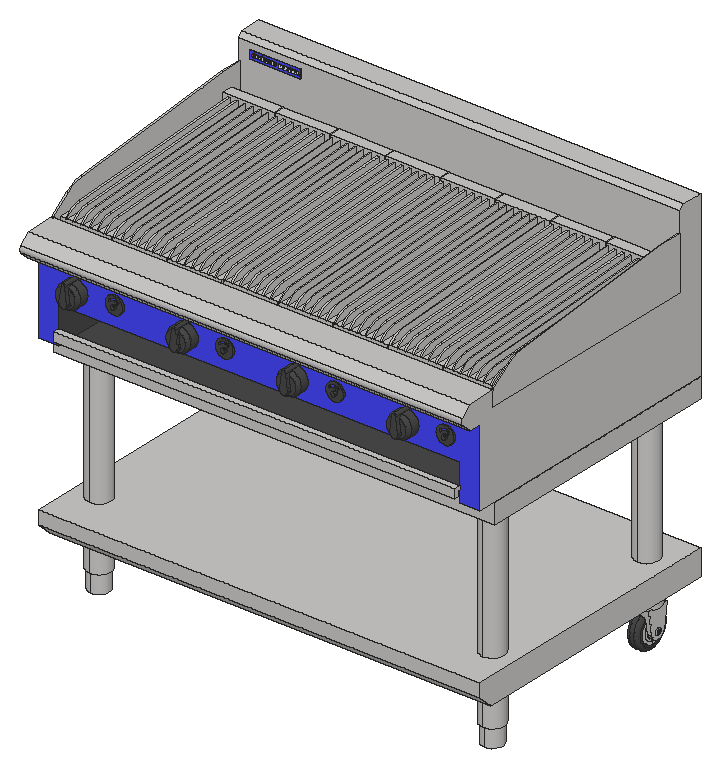
Revit family "QF_MOFFAT_BLUESEAL_AU_G598-LS", category Specialty Equipment, Revit 2012
Parameters
  Weight in Pounds = 499  # constant formula
  URL Cutsheet = "www.moffat.com"
  URL = "www.moffat.com"
  Type Mark [instance] = ""
  Status [instance] = ""
  Specification by User [instance] = ""
  Specification by Manufacturer = ""
  Show Logo [instance] = yes
  Show Casters [instance] = yes
  Serial Number = ""
  Seismic Rating = ""
  SMACNA No = ""
  Revision Code [instance] = ""
  Omniclass Number and Title = ""
  NAFEM Spec ID Number = ""
  Model = "G598-LS"
  Mechanical Remarks [instance] = ""
  Mechanical Connection Type [instance] = ""
  Masterspec = ""
  Manufacturer = "MOFFAT BLUESEAL"
  Legs [instance] = not(Show Casters)  # no
  Item Number [instance] = ""
  Installed By [instance] = ""
  Identify Quantity as Lot [instance] = yes
  Gas Size = 3/4"
  Gas RI Height [instance] = 0 mm
  Gas KW = 39.1
  Gas Input [instance] = 126059.0 Btu/h
  Gas Connection Height = 0 mm
  Furnished By [instance] = ""
  Foodservice Equipment Identifier [instance] = yes
  Description = "1200MM GAS CHARGRILL ON LEG STAND"
  CSI MasterFormat = ""
  CSI Master Format = ""
  Body Finish = QF_Finishes_Stainless Steel
Reference planes
  plane 1 "BACK": y = 0
  plane 2: z = 0
  plane 3 "LEFT": x = 0
  plane 4 "RIGHT": x = 1200
  plane 5 "FRONT": y = -812
  plane 6 "TOP": z = 972
  plane 7 "Center Y": x = 600
  plane 8 "Center X": y = -406
  plane 9: z = 970
  plane 10: z = 1085
  plane 11: y = -100
  plane 12: y = -625
  plane 13: x = 65.5
  plane 14: x = 1134.5
Forms (mm)
  Extrusion 1, solid, material "QF_Finishes_Stainless Steel" <- "Body Finish"
    sketch origin (0, 0, 0) x (0, 1, 0) y (0, 0, 1)
      loop
        line (0, 222.5) -> (-749, 222.5) -> (-749, 186) -> (-713, 150) -> (0, 150) -> (0, 222.5)
      loop
        line (0, 640) -> (0, 1085) -> (-57.5, 1085) -> (-70, 1072.5) -> (-70, 875) -> (-705, 875) -> (-705, 915) -> (-783.97, 915) -> (-808.485, 890.485)
        arc (-808.485, 890.485) -> (-811.999, 882) -> (-808.485, 873.515) r 12
        line (-808.485, 873.515) -> (-784.97, 850) -> (-749, 850) -> (-749, 640) -> (0, 640)
      loop
        line (0, 585) -> (0, 639.206) -> (-699, 639.206) -> (-699, 585) -> (0, 585)
    from 0 to 1200
  Revolve 2, solid, material "QF_Finishes_Stainless Steel" <- "Body Finish"
    sketch origin (1134.5, -735, 0) x (0, 1, 0) y (0, 0, -1)
      loop
        line (78.25, -150) -> (110, -150) -> (110, 0) -> (82.5, 0) -> (82.5, -50) -> (78.25, -50) -> (78.25, -150)
      loop
        line (78.25, -222.5) -> (78.25, -585) -> (110, -585) -> (110, -222.5) -> (78.25, -222.5)
      axis (110, -585) -> (110, 0)
    angle from 0 to 360
  Revolve 3, solid, material "QF_Finishes_Stainless Steel" <- "Body Finish"
    sketch origin (65, -735, 0) x (0, 1, 0) y (0, 0, 1)
      loop
        line (78.25, 150) -> (78.25, 50) -> (82.5, 50) -> (82.5, 0) -> (110, 0) -> (110, 150) -> (78.25, 150)
      loop
        line (78.25, 222.5) -> (110, 222.5) -> (110, 585) -> (78.25, 585) -> (78.25, 222.5)
      axis (110, 585) -> (110, 0)
    angle from 0 to 360
  Revolve 4, solid, material "QF_Finishes_Stainless Steel" <- "Body Finish"
    sketch origin (65, -210, 0) x (0, 1, 0) y (0, 0, 1)
      loop
        line (78.25, 222.5) -> (110, 222.5) -> (110, 585) -> (78.25, 585) -> (78.25, 222.5)
      axis (110, 585) -> (110, 222.5)
    angle from 0 to 360
  Extrusion 5, solid, material "QF_Finishes_Stainless Steel" <- "Body Finish"
    sketch origin (0, 0, 157.388) x (0, 1, 0) y (0, 0, 1)
      loop
        line (-70, 717) -> (-70, 860.112) -> (-127.045, 860.112) -> (-604.53, 814.135)
        arc (-604.53, 814.135) -> (-629.557, 808.415) -> (-652.303, 796.511) r 100
        line (-652.303, 796.511) -> (-705, 759.612) -> (-705, 717) -> (-70, 717)
    from 0 to 4.5
  Extrusion 6, solid, material "QF_Finishes_Stainless Steel" <- "Body Finish"
    sketch origin (1200, 0, 0) x (0, -1, 0) y (0, 0, 1)
      loop
        line (70, 874.388) -> (705, 874.388) -> (705, 917) -> (652.303, 953.899)
        arc (652.303, 953.899) -> (629.557, 965.803) -> (604.53, 971.523) r 100
        line (604.53, 971.523) -> (127.045, 1017.5) -> (70, 1017.5) -> (70, 874.388)
    from 0 to 3
  Revolve 7, solid, material "QF_Finishes_Black"
    sketch origin (108, 7, 155.8) x (0, 1, 0) y (0, 0, 1)
      loop
        line (-789, 671.5) -> (-800, 665.651) -> (-800, 639) -> (-756, 639) -> (-756, 644) -> (-766, 644) -> (-766, 671.5) -> (-789, 671.5)
      axis (-800, 639) -> (-756, 639)
    angle from 0 to 360
  Extrusion 8, solid, material "QF_Finishes_Black"
    sketch origin (-30.113, 7, 155.8) x (1, 0, 0) y (0, 0, 1)
      loop
        line (148.532, 628.195) -> (143.111, 671.113)
        arc (143.111, 671.113) -> (138.113, 676) -> (133.114, 671.113) r 5
        line (133.114, 671.113) -> (127.625, 627.028)
        arc (127.625, 627.028) -> (138.697, 616.529) -> (148.532, 628.195) r 10.487
    from 759 to 808
  Extrusion 9, solid, material "QF_Finishes_Stainless Steel"
    sketch origin (276, 0, 158) x (0, 1, 0) y (0, 0, 1)
      loop
        line (-132, 752.364) -> (-132, 804.849) -> (-637.852, 774.53)
        arc (-637.852, 774.53) -> (-663.098, 767.97) -> (-684, 752.364) r 67.81
        line (-684, 752.364) -> (-132, 752.364)
    from 0 to 4.5
  Extrusion 10, solid, material "QF_Finishes_Stainless Steel"
    sketch origin (255, 0, 158) x (0, 1, 0) y (0, 0, 1)
      loop
        line (-132, 752.364) -> (-132, 804.849) -> (-637.852, 774.53)
        arc (-637.852, 774.53) -> (-663.098, 767.97) -> (-684, 752.364) r 67.81
        line (-684, 752.364) -> (-132, 752.364)
    from 0 to 4.5
  Extrusion 11, solid, material "QF_Finishes_Stainless Steel"
    sketch origin (234, 0, 158) x (0, 1, 0) y (0, 0, 1)
      loop
        line (-132, 752.364) -> (-132, 804.849) -> (-637.852, 774.53)
        arc (-637.852, 774.53) -> (-663.098, 767.97) -> (-684, 752.364) r 67.81
        line (-684, 752.364) -> (-132, 752.364)
    from 0 to 4.5
  Extrusion 12, solid, material "QF_Finishes_Stainless Steel"
    sketch origin (213, 0, 158) x (0, 1, 0) y (0, 0, 1)
      loop
        line (-132, 752.364) -> (-132, 804.849) -> (-637.852, 774.53)
        arc (-637.852, 774.53) -> (-663.098, 767.97) -> (-684, 752.364) r 67.81
        line (-684, 752.364) -> (-132, 752.364)
    from 0 to 4.5
  Extrusion 13, solid, material "QF_Finishes_Stainless Steel"
    sketch origin (192, 0, 158) x (0, 1, 0) y (0, 0, 1)
      loop
        line (-132, 752.364) -> (-132, 804.849) -> (-637.852, 774.53)
        arc (-637.852, 774.53) -> (-663.098, 767.97) -> (-684, 752.364) r 67.81
        line (-684, 752.364) -> (-132, 752.364)
    from 0 to 4.5
  Extrusion 14, solid, material "QF_Finishes_Stainless Steel"
    sketch origin (171, 0, 158) x (0, 1, 0) y (0, 0, 1)
      loop
        line (-132, 752.364) -> (-132, 804.849) -> (-637.852, 774.53)
        arc (-637.852, 774.53) -> (-663.098, 767.97) -> (-684, 752.364) r 67.81
        line (-684, 752.364) -> (-132, 752.364)
    from 0 to 4.5
  Extrusion 15, solid, material "QF_Finishes_Stainless Steel"
    sketch origin (150, 0, 158) x (0, 1, 0) y (0, 0, 1)
      loop
        line (-132, 752.364) -> (-132, 804.849) -> (-637.852, 774.53)
        arc (-637.852, 774.53) -> (-663.098, 767.97) -> (-684, 752.364) r 67.81
        line (-684, 752.364) -> (-132, 752.364)
    from 0 to 4.5
  Extrusion 16, solid, material "QF_Finishes_Stainless Steel"
    sketch origin (126, 0, 158) x (0, 1, 0) y (0, 0, 1)
      loop
        line (-132, 752.364) -> (-132, 804.849) -> (-637.852, 774.53)
        arc (-637.852, 774.53) -> (-663.098, 767.97) -> (-684, 752.364) r 67.81
        line (-684, 752.364) -> (-132, 752.364)
    from 0 to 4.5
  Extrusion 17, solid, material "QF_Finishes_Stainless Steel"
    sketch origin (105, 0, 158) x (0, 1, 0) y (0, 0, 1)
      loop
        line (-132, 752.364) -> (-132, 804.849) -> (-637.852, 774.53)
        arc (-637.852, 774.53) -> (-663.098, 767.97) -> (-684, 752.364) r 67.81
        line (-684, 752.364) -> (-132, 752.364)
    from 0 to 4.5
  Extrusion 18, solid, material "QF_Finishes_Stainless Steel"
    sketch origin (84, 0, 158) x (0, 1, 0) y (0, 0, 1)
      loop
        line (-132, 752.364) -> (-132, 804.849) -> (-637.852, 774.53)
        arc (-637.852, 774.53) -> (-663.098, 767.97) -> (-684, 752.364) r 67.81
        line (-684, 752.364) -> (-132, 752.364)
    from 0 to 4.5
  Extrusion 19, solid, material "QF_Finishes_Stainless Steel"
    sketch origin (63, 0, 158) x (0, 1, 0) y (0, 0, 1)
      loop
        line (-132, 752.364) -> (-132, 804.849) -> (-637.852, 774.53)
        arc (-637.852, 774.53) -> (-663.098, 767.97) -> (-684, 752.364) r 67.81
        line (-684, 752.364) -> (-132, 752.364)
    from 0 to 4.5
  Extrusion 20, solid, material "QF_Finishes_Stainless Steel"
    sketch origin (42, 0, 158) x (0, 1, 0) y (0, 0, 1)
      loop
        line (-132, 752.364) -> (-132, 804.849) -> (-637.852, 774.53)
        arc (-637.852, 774.53) -> (-663.098, 767.97) -> (-684, 752.364) r 67.81
        line (-684, 752.364) -> (-132, 752.364)
    from 0 to 4.5
  Extrusion 21, solid, material "QF_Finishes_Stainless Steel"
    sketch origin (21, 0, 158) x (0, 1, 0) y (0, 0, 1)
      loop
        line (-132, 752.364) -> (-132, 804.849) -> (-637.852, 774.53)
        arc (-637.852, 774.53) -> (-663.098, 767.97) -> (-684, 752.364) r 67.81
        line (-684, 752.364) -> (-132, 752.364)
    from 0 to 4.5
  Extrusion 22, solid, material "QF_Finishes_Stainless Steel"
    sketch origin (426, 0, 158) x (0, 1, 0) y (0, 0, 1)
      loop
        line (-132, 752.364) -> (-132, 804.849) -> (-637.852, 774.53)
        arc (-637.852, 774.53) -> (-663.098, 767.97) -> (-684, 752.364) r 67.81
        line (-684, 752.364) -> (-132, 752.364)
    from 0 to 4.5
  Extrusion 23, solid, material "QF_Finishes_Stainless Steel"
    sketch origin (405, 0, 158) x (0, 1, 0) y (0, 0, 1)
      loop
        line (-132, 752.364) -> (-132, 804.849) -> (-637.852, 774.53)
        arc (-637.852, 774.53) -> (-663.098, 767.97) -> (-684, 752.364) r 67.81
        line (-684, 752.364) -> (-132, 752.364)
    from 0 to 4.5
  Extrusion 24, solid, material "QF_Finishes_Stainless Steel"
    sketch origin (384, 0, 158) x (0, 1, 0) y (0, 0, 1)
      loop
        line (-132, 752.364) -> (-132, 804.849) -> (-637.852, 774.53)
        arc (-637.852, 774.53) -> (-663.098, 767.97) -> (-684, 752.364) r 67.81
        line (-684, 752.364) -> (-132, 752.364)
    from 0 to 4.5
  Extrusion 25, solid, material "QF_Finishes_Stainless Steel"
    sketch origin (363, 0, 158) x (0, 1, 0) y (0, 0, 1)
      loop
        line (-132, 752.364) -> (-132, 804.849) -> (-637.852, 774.53)
        arc (-637.852, 774.53) -> (-663.098, 767.97) -> (-684, 752.364) r 67.81
        line (-684, 752.364) -> (-132, 752.364)
    from 0 to 4.5
  Extrusion 26, solid, material "QF_Finishes_Stainless Steel"
    sketch origin (342, 0, 158) x (0, 1, 0) y (0, 0, 1)
      loop
        line (-132, 752.364) -> (-132, 804.849) -> (-637.852, 774.53)
        arc (-637.852, 774.53) -> (-663.098, 767.97) -> (-684, 752.364) r 67.81
        line (-684, 752.364) -> (-132, 752.364)
    from 0 to 4.5
  Extrusion 27, solid, material "QF_Finishes_Stainless Steel"
    sketch origin (321, 0, 158) x (0, 1, 0) y (0, 0, 1)
      loop
        line (-132, 752.364) -> (-132, 804.849) -> (-637.852, 774.53)
        arc (-637.852, 774.53) -> (-663.098, 767.97) -> (-684, 752.364) r 67.81
        line (-684, 752.364) -> (-132, 752.364)
    from 0 to 4.5
  Extrusion 28, solid, material "QF_Finishes_Stainless Steel"
    sketch origin (300, 0, 158) x (0, 1, 0) y (0, 0, 1)
      loop
        line (-132, 752.364) -> (-132, 804.849) -> (-637.852, 774.53)
        arc (-637.852, 774.53) -> (-663.098, 767.97) -> (-684, 752.364) r 67.81
        line (-684, 752.364) -> (-132, 752.364)
    from 0 to 4.5
  Extrusion 29, solid, material "QF_Finishes_Stainless Steel"
    sketch origin (576, 0, 158) x (0, 1, 0) y (0, 0, 1)
      loop
        line (-132, 752.364) -> (-132, 804.849) -> (-637.852, 774.53)
        arc (-637.852, 774.53) -> (-663.098, 767.97) -> (-684, 752.364) r 67.81
        line (-684, 752.364) -> (-132, 752.364)
    from 0 to 4.5
  Extrusion 30, solid, material "QF_Finishes_Stainless Steel"
    sketch origin (555, 0, 158) x (0, 1, 0) y (0, 0, 1)
      loop
        line (-132, 752.364) -> (-132, 804.849) -> (-637.852, 774.53)
        arc (-637.852, 774.53) -> (-663.098, 767.97) -> (-684, 752.364) r 67.81
        line (-684, 752.364) -> (-132, 752.364)
    from 0 to 4.5
  Extrusion 31, solid, material "QF_Finishes_Stainless Steel"
    sketch origin (534, 0, 158) x (0, 1, 0) y (0, 0, 1)
      loop
        line (-132, 752.364) -> (-132, 804.849) -> (-637.852, 774.53)
        arc (-637.852, 774.53) -> (-663.098, 767.97) -> (-684, 752.364) r 67.81
        line (-684, 752.364) -> (-132, 752.364)
    from 0 to 4.5
  Extrusion 32, solid, material "QF_Finishes_Stainless Steel"
    sketch origin (513, 0, 158) x (0, 1, 0) y (0, 0, 1)
      loop
        line (-132, 752.364) -> (-132, 804.849) -> (-637.852, 774.53)
        arc (-637.852, 774.53) -> (-663.098, 767.97) -> (-684, 752.364) r 67.81
        line (-684, 752.364) -> (-132, 752.364)
    from 0 to 4.5
  Extrusion 33, solid, material "QF_Finishes_Stainless Steel"
    sketch origin (492, 0, 158) x (0, 1, 0) y (0, 0, 1)
      loop
        line (-132, 752.364) -> (-132, 804.849) -> (-637.852, 774.53)
        arc (-637.852, 774.53) -> (-663.098, 767.97) -> (-684, 752.364) r 67.81
        line (-684, 752.364) -> (-132, 752.364)
    from 0 to 4.5
  Extrusion 34, solid, material "QF_Finishes_Stainless Steel"
    sketch origin (471, 0, 158) x (0, 1, 0) y (0, 0, 1)
      loop
        line (-132, 752.364) -> (-132, 804.849) -> (-637.852, 774.53)
        arc (-637.852, 774.53) -> (-663.098, 767.97) -> (-684, 752.364) r 67.81
        line (-684, 752.364) -> (-132, 752.364)
    from 0 to 4.5
  Extrusion 35, solid, material "QF_Finishes_Stainless Steel"
    sketch origin (450, 0, 158) x (0, 1, 0) y (0, 0, 1)
      loop
        line (-132, 752.364) -> (-132, 804.849) -> (-637.852, 774.53)
        arc (-637.852, 774.53) -> (-663.098, 767.97) -> (-684, 752.364) r 67.81
        line (-684, 752.364) -> (-132, 752.364)
    from 0 to 4.5
  Extrusion 36, solid, material "QF_Finishes_Stainless Steel"
    sketch origin (0, 3, 0) x (1, 0, 0) y (0, 1, 0)
      loop
        circle (216, -34) r 13.5
    from 553 to 585
  Extrusion 37, solid, material "QF_Finishes_Stainless Steel"
    sketch origin (0, 0, 158) x (0, 1, 0) y (0, 0, 1)
      loop
        line (-132, 752.364) -> (-684, 752.364) -> (-684, 717) -> (-102, 717) -> (-102, 812) -> (-132, 812) -> (-132, 752.364)
    from 4.5 to 147
  Extrusion 38, solid, material "QF_Finishes_Stainless Steel"
    sketch origin (145.5, 0, 158) x (0, 1, 0) y (0, 0, 1)
      loop
        line (-132, 752.364) -> (-684, 752.364) -> (-684, 717) -> (-102, 717) -> (-102, 812) -> (-132, 812) -> (-132, 752.364)
    from 4.5 to 151.5
  Extrusion 39, solid, material "QF_Finishes_Stainless Steel"
    sketch origin (295.5, 0, 158) x (0, 1, 0) y (0, 0, 1)
      loop
        line (-132, 752.364) -> (-684, 752.364) -> (-684, 717) -> (-102, 717) -> (-102, 812) -> (-132, 812) -> (-132, 752.364)
    from 4.5 to 151.5
  Extrusion 40, solid, material "QF_Finishes_Stainless Steel"
    sketch origin (445.5, 0, 158) x (0, 1, 0) y (0, 0, 1)
      loop
        line (-132, 752.364) -> (-684, 752.364) -> (-684, 717) -> (-102, 717) -> (-102, 812) -> (-132, 812) -> (-132, 752.364)
    from 4.5 to 151.5
  Extrusion 41, solid, material "QF_Finishes_Black"
    sketch origin (0, -749, 850) x (0, 0, -1) y (1, 0, 0)
      loop
        circle (55.799, 208) r 23.9
      loop
        arc (48.44, 216.419) -> (49.3, 221.219) -> (44.5, 222.079) r 3.448
        arc (44.5, 222.079) -> (37.915, 207.341) -> (45.718, 193.209) r 18.095
        arc (45.718, 193.209) -> (50.44, 194.491) -> (49.125, 199.204) r 3.448
        arc (49.125, 199.204) -> (45.557, 207.683) -> (48.44, 216.419) r 13.109
      loop
        circle (55.799, 1108) r 23.9
      loop
        arc (44.5, 1122.079) -> (37.915, 1107.341) -> (45.718, 1093.209) r 18.095
        arc (45.718, 1093.209) -> (50.44, 1094.491) -> (49.125, 1099.204) r 3.448
        arc (49.125, 1099.204) -> (45.557, 1107.683) -> (48.44, 1116.419) r 13.109
        arc (48.44, 1116.419) -> (49.3, 1121.219) -> (44.5, 1122.079) r 3.448
      loop
        circle (55.799, 508) r 23.9
      loop
        arc (48.44, 516.419) -> (49.3, 521.219) -> (44.5, 522.079) r 3.448
        arc (44.5, 522.079) -> (37.915, 507.341) -> (45.718, 493.209) r 18.095
        arc (45.718, 493.209) -> (50.44, 494.491) -> (49.125, 499.204) r 3.448
        arc (49.125, 499.204) -> (45.557, 507.683) -> (48.44, 516.419) r 13.109
      loop
        circle (55.799, 808) r 23.9
      loop
        arc (48.44, 816.419) -> (49.3, 821.219) -> (44.5, 822.079) r 3.448
        arc (44.5, 822.079) -> (37.915, 807.341) -> (45.718, 793.209) r 18.095
        arc (45.718, 793.209) -> (50.44, 794.491) -> (49.125, 799.204) r 3.448
        arc (49.125, 799.204) -> (45.557, 807.683) -> (48.44, 816.419) r 13.109
    from 0 to 4
  Extrusion 42, solid, material "QF_Finishes_Black"
    sketch origin (0, -753, 850) x (0, 0, -1) y (1, 0, 0)
      loop
        circle (59.299, 208) r 5.75
      loop
        circle (59.299, 508) r 5.75
      loop
        circle (59.299, 808) r 5.75
      loop
        circle (59.299, 1108) r 5.75
    from 0 to 5
  Revolve 43, solid, material "QF_Finishes_Black"
    sketch origin (408, 7, 155.8) x (0, 1, 0) y (0, 0, 1)
      loop
        line (-789, 671.5) -> (-800, 665.651) -> (-800, 639) -> (-756, 639) -> (-756, 644) -> (-766, 644) -> (-766, 671.5) -> (-789, 671.5)
      axis (-800, 639) -> (-756, 639)
    angle from 0 to 360
  Extrusion 44, solid, material "QF_Finishes_Black"
    sketch origin (269.887, 7, 155.8) x (1, 0, 0) y (0, 0, 1)
      loop
        line (148.532, 628.195) -> (143.111, 671.113)
        arc (143.111, 671.113) -> (138.113, 676) -> (133.114, 671.113) r 5
        line (133.114, 671.113) -> (127.625, 627.028)
        arc (127.625, 627.028) -> (138.697, 616.529) -> (148.532, 628.195) r 10.487
    from 759 to 808
  Extrusion 45, void
    sketch origin (0, -749, 850) x (0, 0, 1) y (1, 0, 0)
      loop
        line (-210, 1145) -> (-210, 55) -> (-110, 55) -> (-110, 1145) -> (-210, 1145)
    from 0 to 250
  Extrusion 46, solid, material "QF_Finishes_Stainless Steel"
    sketch origin (55, -749, 150) x (0, 0, 1) y (0, -1, 0)
      loop
        line (506.797, 15.924) -> (506.797, 5.924) -> (521.797, 5.924) -> (521.797, -31.346) -> (490, -31.346) -> (490, -50) -> (531.797, -50) -> (531.797, 15.924) -> (506.797, 15.924)
    from 0 to 1090
  Revolve 47, solid, material "QF_Finishes_Stainless Steel", visible <- "Legs"
    sketch origin (65.5, -166, 0) x (0, 1, 0) y (0, 0, 1)
      loop
        line (34.25, 150) -> (34.25, 50) -> (38.5, 50) -> (38.5, 0) -> (66, 0) -> (66, 150) -> (34.25, 150)
      axis (66, 150) -> (66, 0)
    angle from 0 to 360
  Revolve 48, solid, material "QF_Finishes_Stainless Steel", visible <- "Show Casters"
    sketch origin (16.276, -100.755, -13.653) x (1, 0, 0) y (0, 0, 1)
      loop
        line (14.841, 63.604) -> (83.584, 63.604) -> (83.584, 67.109) -> (82.314, 68.379) -> (80.79, 68.379) -> (80.79, 71.826) -> (68.644, 71.826) -> (68.644, 81.79) -> (65.088, 83.843) -> (63.738, 92.179) -> (65.881, 92.179) -> (65.881, 98.529) -> (65.088, 98.529) -> (65.088, 104.879)
        arc (65.088, 104.879) -> (62.298, 111.614) -> (55.563, 114.404) r 9.525
        line (55.563, 114.404) -> (42.863, 114.404)
        arc (42.863, 114.404) -> (36.127, 111.614) -> (33.338, 104.879) r 9.525
        line (33.338, 104.879) -> (33.338, 98.529) -> (32.544, 98.529) -> (32.544, 92.179) -> (34.687, 92.179) -> (33.352, 83.932) -> (29.782, 81.871) -> (29.782, 71.826) -> (17.635, 71.826) -> (17.635, 68.379) -> (16.111, 68.379) -> (14.841, 67.109) -> (14.841, 63.604)
      axis (14.841, 63.604) -> (83.584, 63.604)
    angle from 0 to 360
  Extrusion 49, solid, material "QF_Finishes_Stainless Steel", visible <- "Show Casters"
    sketch origin (72.001, 132.353, -8.783) x (0, 1, 0) y (0, 0, 1)
      loop
        line (-200.603, 118.783) -> (-264.103, 118.783) -> (-251.746, 53.895)
        arc (-251.746, 53.895) -> (-232.353, 38.783) -> (-212.959, 53.895) r 20
        line (-212.959, 53.895) -> (-200.603, 118.783)
    from -35.667 to 22.923
  Revolve 50, solid, material "QF_Finishes_Stainless Steel", visible <- "Show Casters"
    sketch origin (65.5, -204, 0) x (0, 1, 0) y (0, 0, 1)
      loop
        line (68.25, 150) -> (68.25, 110) -> (104, 110) -> (104, 150) -> (68.25, 150)
      axis (104, 150) -> (104, 110)
    angle from 0 to 360
  Revolve 51, solid, material "QF_Finishes_Stainless Steel", visible <- "Legs"
    sketch origin (65.5, -166, 0) x (0, 1, 0) y (0, 0, 1)
      loop
        line (34.25, 150) -> (34.25, 50) -> (38.5, 50) -> (38.5, 0) -> (66, 0) -> (66, 150) -> (34.25, 150)
      axis (66, 150) -> (66, 0)
    angle from 0 to 360
  Extrusion 52, solid, material "QF_Finishes_Stainless Steel"
    sketch origin (726, 0, 158) x (0, 1, 0) y (0, 0, 1)
      loop
        line (-132, 752.364) -> (-132, 804.849) -> (-637.852, 774.53)
        arc (-637.852, 774.53) -> (-663.098, 767.97) -> (-684, 752.364) r 67.81
        line (-684, 752.364) -> (-132, 752.364)
    from 0 to 4.5
  Extrusion 53, solid, material "QF_Finishes_Stainless Steel"
    sketch origin (705, 0, 158) x (0, 1, 0) y (0, 0, 1)
      loop
        line (-132, 752.364) -> (-132, 804.849) -> (-637.852, 774.53)
        arc (-637.852, 774.53) -> (-663.098, 767.97) -> (-684, 752.364) r 67.81
        line (-684, 752.364) -> (-132, 752.364)
    from 0 to 4.5
  Extrusion 54, solid, material "QF_Finishes_Stainless Steel"
    sketch origin (684, 0, 158) x (0, 1, 0) y (0, 0, 1)
      loop
        line (-132, 752.364) -> (-132, 804.849) -> (-637.852, 774.53)
        arc (-637.852, 774.53) -> (-663.098, 767.97) -> (-684, 752.364) r 67.81
        line (-684, 752.364) -> (-132, 752.364)
    from 0 to 4.5
  Extrusion 55, solid, material "QF_Finishes_Stainless Steel"
    sketch origin (663, 0, 158) x (0, 1, 0) y (0, 0, 1)
      loop
        line (-132, 752.364) -> (-132, 804.849) -> (-637.852, 774.53)
        arc (-637.852, 774.53) -> (-663.098, 767.97) -> (-684, 752.364) r 67.81
        line (-684, 752.364) -> (-132, 752.364)
    from 0 to 4.5
  Extrusion 56, solid, material "QF_Finishes_Stainless Steel"
    sketch origin (642, 0, 158) x (0, 1, 0) y (0, 0, 1)
      loop
        line (-132, 752.364) -> (-132, 804.849) -> (-637.852, 774.53)
        arc (-637.852, 774.53) -> (-663.098, 767.97) -> (-684, 752.364) r 67.81
        line (-684, 752.364) -> (-132, 752.364)
    from 0 to 4.5
  Extrusion 57, solid, material "QF_Finishes_Stainless Steel"
    sketch origin (621, 0, 158) x (0, 1, 0) y (0, 0, 1)
      loop
        line (-132, 752.364) -> (-132, 804.849) -> (-637.852, 774.53)
        arc (-637.852, 774.53) -> (-663.098, 767.97) -> (-684, 752.364) r 67.81
        line (-684, 752.364) -> (-132, 752.364)
    from 0 to 4.5
  Extrusion 58, solid, material "QF_Finishes_Stainless Steel"
    sketch origin (600, 0, 158) x (0, 1, 0) y (0, 0, 1)
      loop
        line (-132, 752.364) -> (-132, 804.849) -> (-637.852, 774.53)
        arc (-637.852, 774.53) -> (-663.098, 767.97) -> (-684, 752.364) r 67.81
        line (-684, 752.364) -> (-132, 752.364)
    from 0 to 4.5
  Extrusion 59, solid, material "QF_Finishes_Stainless Steel"
    sketch origin (595.5, 0, 158) x (0, 1, 0) y (0, 0, 1)
      loop
        line (-132, 752.364) -> (-684, 752.364) -> (-684, 717) -> (-102, 717) -> (-102, 812) -> (-132, 812) -> (-132, 752.364)
    from 4.5 to 151.5
  Extrusion 60, solid, material "QF_Finishes_Stainless Steel"
    sketch origin (876, 0, 158) x (0, 1, 0) y (0, 0, 1)
      loop
        line (-132, 752.364) -> (-132, 804.849) -> (-637.852, 774.53)
        arc (-637.852, 774.53) -> (-663.098, 767.97) -> (-684, 752.364) r 67.81
        line (-684, 752.364) -> (-132, 752.364)
    from 0 to 4.5
  Extrusion 61, solid, material "QF_Finishes_Stainless Steel"
    sketch origin (855, 0, 158) x (0, 1, 0) y (0, 0, 1)
      loop
        line (-132, 752.364) -> (-132, 804.849) -> (-637.852, 774.53)
        arc (-637.852, 774.53) -> (-663.098, 767.97) -> (-684, 752.364) r 67.81
        line (-684, 752.364) -> (-132, 752.364)
    from 0 to 4.5
  Extrusion 62, solid, material "QF_Finishes_Stainless Steel"
    sketch origin (834, 0, 158) x (0, 1, 0) y (0, 0, 1)
      loop
        line (-132, 752.364) -> (-132, 804.849) -> (-637.852, 774.53)
        arc (-637.852, 774.53) -> (-663.098, 767.97) -> (-684, 752.364) r 67.81
        line (-684, 752.364) -> (-132, 752.364)
    from 0 to 4.5
  Extrusion 63, solid, material "QF_Finishes_Stainless Steel"
    sketch origin (813, 0, 158) x (0, 1, 0) y (0, 0, 1)
      loop
        line (-132, 752.364) -> (-132, 804.849) -> (-637.852, 774.53)
        arc (-637.852, 774.53) -> (-663.098, 767.97) -> (-684, 752.364) r 67.81
        line (-684, 752.364) -> (-132, 752.364)
    from 0 to 4.5
  Extrusion 64, solid, material "QF_Finishes_Stainless Steel"
    sketch origin (792, 0, 158) x (0, 1, 0) y (0, 0, 1)
      loop
        line (-132, 752.364) -> (-132, 804.849) -> (-637.852, 774.53)
        arc (-637.852, 774.53) -> (-663.098, 767.97) -> (-684, 752.364) r 67.81
        line (-684, 752.364) -> (-132, 752.364)
    from 0 to 4.5
  Extrusion 65, solid, material "QF_Finishes_Stainless Steel"
    sketch origin (771, 0, 158) x (0, 1, 0) y (0, 0, 1)
      loop
        line (-132, 752.364) -> (-132, 804.849) -> (-637.852, 774.53)
        arc (-637.852, 774.53) -> (-663.098, 767.97) -> (-684, 752.364) r 67.81
        line (-684, 752.364) -> (-132, 752.364)
    from 0 to 4.5
  Extrusion 66, solid, material "QF_Finishes_Stainless Steel"
    sketch origin (750, 0, 158) x (0, 1, 0) y (0, 0, 1)
      loop
        line (-132, 752.364) -> (-132, 804.849) -> (-637.852, 774.53)
        arc (-637.852, 774.53) -> (-663.098, 767.97) -> (-684, 752.364) r 67.81
        line (-684, 752.364) -> (-132, 752.364)
    from 0 to 4.5
  Extrusion 67, solid, material "QF_Finishes_Stainless Steel"
    sketch origin (745.5, 0, 158) x (0, 1, 0) y (0, 0, 1)
      loop
        line (-132, 752.364) -> (-684, 752.364) -> (-684, 717) -> (-102, 717) -> (-102, 812) -> (-132, 812) -> (-132, 752.364)
    from 4.5 to 151.5
  Extrusion 68, void
    sketch origin (0, -749, 850) x (0, 0, 1) y (1, 0, 0)
      loop
        line (-210, 1145) -> (-210, 55) -> (-110, 55) -> (-110, 1145) -> (-210, 1145)
    from 0 to 250
  Revolve 69, solid, material "QF_Finishes_Black"
    sketch origin (708, 7, 155.8) x (0, 1, 0) y (0, 0, 1)
      loop
        line (-789, 671.5) -> (-800, 665.651) -> (-800, 639) -> (-756, 639) -> (-756, 644) -> (-766, 644) -> (-766, 671.5) -> (-789, 671.5)
      axis (-800, 639) -> (-756, 639)
    angle from 0 to 360
  Extrusion 70, solid, material "QF_Finishes_Black"
    sketch origin (569.887, 7, 155.8) x (1, 0, 0) y (0, 0, 1)
      loop
        line (148.532, 628.195) -> (143.111, 671.113)
        arc (143.111, 671.113) -> (138.113, 676) -> (133.114, 671.113) r 5
        line (133.114, 671.113) -> (127.625, 627.028)
        arc (127.625, 627.028) -> (138.697, 616.529) -> (148.532, 628.195) r 10.487
    from 759 to 808
  Extrusion 71, solid, material "QF_Finishes_Stainless Steel"
    sketch origin (1026, 0, 158) x (0, 1, 0) y (0, 0, 1)
      loop
        line (-132, 752.364) -> (-132, 804.849) -> (-637.852, 774.53)
        arc (-637.852, 774.53) -> (-663.098, 767.97) -> (-684, 752.364) r 67.81
        line (-684, 752.364) -> (-132, 752.364)
    from 0 to 4.5
  Extrusion 72, solid, material "QF_Finishes_Stainless Steel"
    sketch origin (1005, 0, 158) x (0, 1, 0) y (0, 0, 1)
      loop
        line (-132, 752.364) -> (-132, 804.849) -> (-637.852, 774.53)
        arc (-637.852, 774.53) -> (-663.098, 767.97) -> (-684, 752.364) r 67.81
        line (-684, 752.364) -> (-132, 752.364)
    from 0 to 4.5
  Extrusion 73, solid, material "QF_Finishes_Stainless Steel"
    sketch origin (984, 0, 158) x (0, 1, 0) y (0, 0, 1)
      loop
        line (-132, 752.364) -> (-132, 804.849) -> (-637.852, 774.53)
        arc (-637.852, 774.53) -> (-663.098, 767.97) -> (-684, 752.364) r 67.81
        line (-684, 752.364) -> (-132, 752.364)
    from 0 to 4.5
  Extrusion 74, solid, material "QF_Finishes_Stainless Steel"
    sketch origin (963, 0, 158) x (0, 1, 0) y (0, 0, 1)
      loop
        line (-132, 752.364) -> (-132, 804.849) -> (-637.852, 774.53)
        arc (-637.852, 774.53) -> (-663.098, 767.97) -> (-684, 752.364) r 67.81
        line (-684, 752.364) -> (-132, 752.364)
    from 0 to 4.5
  Extrusion 75, solid, material "QF_Finishes_Stainless Steel"
    sketch origin (942, 0, 158) x (0, 1, 0) y (0, 0, 1)
      loop
        line (-132, 752.364) -> (-132, 804.849) -> (-637.852, 774.53)
        arc (-637.852, 774.53) -> (-663.098, 767.97) -> (-684, 752.364) r 67.81
        line (-684, 752.364) -> (-132, 752.364)
    from 0 to 4.5
  Extrusion 76, solid, material "QF_Finishes_Stainless Steel"
    sketch origin (921, 0, 158) x (0, 1, 0) y (0, 0, 1)
      loop
        line (-132, 752.364) -> (-132, 804.849) -> (-637.852, 774.53)
        arc (-637.852, 774.53) -> (-663.098, 767.97) -> (-684, 752.364) r 67.81
        line (-684, 752.364) -> (-132, 752.364)
    from 0 to 4.5
  Extrusion 77, solid, material "QF_Finishes_Stainless Steel"
    sketch origin (900, 0, 158) x (0, 1, 0) y (0, 0, 1)
      loop
        line (-132, 752.364) -> (-132, 804.849) -> (-637.852, 774.53)
        arc (-637.852, 774.53) -> (-663.098, 767.97) -> (-684, 752.364) r 67.81
        line (-684, 752.364) -> (-132, 752.364)
    from 0 to 4.5
  Extrusion 78, solid, material "QF_Finishes_Stainless Steel"
    sketch origin (895.5, 0, 158) x (0, 1, 0) y (0, 0, 1)
      loop
        line (-132, 752.364) -> (-684, 752.364) -> (-684, 717) -> (-102, 717) -> (-102, 812) -> (-132, 812) -> (-132, 752.364)
    from 4.5 to 151.5
  Extrusion 79, solid, material "QF_Finishes_Stainless Steel"
    sketch origin (1176, 0, 158) x (0, 1, 0) y (0, 0, 1)
      loop
        line (-132, 752.364) -> (-132, 804.849) -> (-637.852, 774.53)
        arc (-637.852, 774.53) -> (-663.098, 767.97) -> (-684, 752.364) r 67.81
        line (-684, 752.364) -> (-132, 752.364)
    from 0 to 4.5
  Extrusion 80, solid, material "QF_Finishes_Stainless Steel"
    sketch origin (1155, 0, 158) x (0, 1, 0) y (0, 0, 1)
      loop
        line (-132, 752.364) -> (-132, 804.849) -> (-637.852, 774.53)
        arc (-637.852, 774.53) -> (-663.098, 767.97) -> (-684, 752.364) r 67.81
        line (-684, 752.364) -> (-132, 752.364)
    from 0 to 4.5
  Extrusion 81, solid, material "QF_Finishes_Stainless Steel"
    sketch origin (1134, 0, 158) x (0, 1, 0) y (0, 0, 1)
      loop
        line (-132, 752.364) -> (-132, 804.849) -> (-637.852, 774.53)
        arc (-637.852, 774.53) -> (-663.098, 767.97) -> (-684, 752.364) r 67.81
        line (-684, 752.364) -> (-132, 752.364)
    from 0 to 4.5
  Extrusion 82, solid, material "QF_Finishes_Stainless Steel"
    sketch origin (1113, 0, 158) x (0, 1, 0) y (0, 0, 1)
      loop
        line (-132, 752.364) -> (-132, 804.849) -> (-637.852, 774.53)
        arc (-637.852, 774.53) -> (-663.098, 767.97) -> (-684, 752.364) r 67.81
        line (-684, 752.364) -> (-132, 752.364)
    from 0 to 4.5
  Extrusion 83, solid, material "QF_Finishes_Stainless Steel"
    sketch origin (1092, 0, 158) x (0, 1, 0) y (0, 0, 1)
      loop
        line (-132, 752.364) -> (-132, 804.849) -> (-637.852, 774.53)
        arc (-637.852, 774.53) -> (-663.098, 767.97) -> (-684, 752.364) r 67.81
        line (-684, 752.364) -> (-132, 752.364)
    from 0 to 4.5
  Extrusion 84, solid, material "QF_Finishes_Stainless Steel"
    sketch origin (1071, 0, 158) x (0, 1, 0) y (0, 0, 1)
      loop
        line (-132, 752.364) -> (-132, 804.849) -> (-637.852, 774.53)
        arc (-637.852, 774.53) -> (-663.098, 767.97) -> (-684, 752.364) r 67.81
        line (-684, 752.364) -> (-132, 752.364)
    from 0 to 4.5
  Extrusion 85, solid, material "QF_Finishes_Stainless Steel"
    sketch origin (1050, 0, 158) x (0, 1, 0) y (0, 0, 1)
      loop
        line (-132, 752.364) -> (-132, 804.849) -> (-637.852, 774.53)
        arc (-637.852, 774.53) -> (-663.098, 767.97) -> (-684, 752.364) r 67.81
        line (-684, 752.364) -> (-132, 752.364)
    from 0 to 4.5
  Extrusion 86, solid, material "QF_Finishes_Stainless Steel"
    sketch origin (1045.5, 0, 158) x (0, 1, 0) y (0, 0, 1)
      loop
        line (-132, 752.364) -> (-684, 752.364) -> (-684, 717) -> (-102, 717) -> (-102, 812) -> (-132, 812) -> (-132, 752.364)
    from 4.5 to 151.5
  Revolve 87, solid, material "QF_Finishes_Stainless Steel" <- "Body Finish"
    sketch origin (1134.871, -210, 0) x (0, 1, 0) y (0, 0, -1)
      loop
        line (78.25, -222.5) -> (78.25, -585) -> (110, -585) -> (110, -222.5) -> (78.25, -222.5)
      axis (110, -585) -> (110, -222.5)
    angle from 0 to 360
  Revolve 88, solid, material "QF_Finishes_Stainless Steel", visible <- "Legs"
    sketch origin (1134.371, -166, 0) x (0, 1, 0) y (0, 0, -1)
      loop
        line (34.25, -150) -> (66, -150) -> (66, 0) -> (38.5, 0) -> (38.5, -50) -> (34.25, -50) -> (34.25, -150)
      axis (66, -150) -> (66, 0)
    angle from 0 to 360
  Revolve 89, solid, material "QF_Finishes_Stainless Steel", visible <- "Show Casters"
    sketch origin (1085.148, -100.755, -13.653) x (1, 0, 0) y (0, 0, 1)
      loop
        line (14.841, 63.604) -> (83.584, 63.604) -> (83.584, 67.109) -> (82.314, 68.379) -> (80.79, 68.379) -> (80.79, 71.826) -> (68.644, 71.826) -> (68.644, 81.79) -> (65.088, 83.843) -> (63.738, 92.179) -> (65.881, 92.179) -> (65.881, 98.529) -> (65.088, 98.529) -> (65.088, 104.879)
        arc (65.088, 104.879) -> (62.298, 111.614) -> (55.563, 114.404) r 9.525
        line (55.563, 114.404) -> (42.863, 114.404)
        arc (42.863, 114.404) -> (36.127, 111.614) -> (33.338, 104.879) r 9.525
        line (33.338, 104.879) -> (33.338, 98.529) -> (32.544, 98.529) -> (32.544, 92.179) -> (34.687, 92.179) -> (33.352, 83.932) -> (29.782, 81.871) -> (29.782, 71.826) -> (17.635, 71.826) -> (17.635, 68.379) -> (16.111, 68.379) -> (14.841, 67.109) -> (14.841, 63.604)
      axis (14.841, 63.604) -> (83.584, 63.604)
    angle from 0 to 360
  Extrusion 90, solid, material "QF_Finishes_Stainless Steel", visible <- "Show Casters"
    sketch origin (1140.872, 132.353, -8.783) x (0, 1, 0) y (0, 0, 1)
      loop
        line (-200.603, 118.783) -> (-264.103, 118.783) -> (-251.746, 53.895)
        arc (-251.746, 53.895) -> (-232.353, 38.783) -> (-212.959, 53.895) r 20
        line (-212.959, 53.895) -> (-200.603, 118.783)
    from -35.667 to 22.923
  Revolve 91, solid, material "QF_Finishes_Stainless Steel", visible <- "Show Casters"
    sketch origin (1134.371, -204, 0) x (0, 1, 0) y (0, 0, 1)
      loop
        line (68.25, 150) -> (68.25, 110) -> (104, 110) -> (104, 150) -> (68.25, 150)
      axis (104, 150) -> (104, 110)
    angle from 0 to 360
  Revolve 92, solid, material "QF_Finishes_Black"
    sketch origin (1008, 7, 155.8) x (0, 1, 0) y (0, 0, 1)
      loop
        line (-789, 671.5) -> (-800, 665.651) -> (-800, 639) -> (-756, 639) -> (-756, 644) -> (-766, 644) -> (-766, 671.5) -> (-789, 671.5)
      axis (-800, 639) -> (-756, 639)
    angle from 0 to 360
  Extrusion 93, solid, material "QF_Finishes_Black"
    sketch origin (869.887, 7, 155.8) x (1, 0, 0) y (0, 0, 1)
      loop
        line (148.532, 628.195) -> (143.111, 671.113)
        arc (143.111, 671.113) -> (138.113, 676) -> (133.114, 671.113) r 5
        line (133.114, 671.113) -> (127.625, 627.028)
        arc (127.625, 627.028) -> (138.697, 616.529) -> (148.532, 628.195) r 10.487
    from 759 to 808
Cuts and joins
  Extrusion 45 cuts Extrusion 46
  Extrusion 68 cuts Extrusion 1
Lines and regions (mm)
  Split face 1
    outline origin (900, 0, 1085) x (-1, 0, 0) y (0, -1, 0)
      loop
        arc (856, 18.185) -> (864.66, 23.185) -> (864.66, 33.185) r 10
        line (864.66, 33.185) -> (860.619, 40.185)
        arc (860.619, 40.185) -> (856.959, 43.845) -> (851.959, 45.185) r 10
        line (851.959, 45.185) -> (624, 45.185)
        arc (624, 45.185) -> (615.34, 40.185) -> (615.34, 30.185) r 10
        line (615.34, 30.185) -> (619.381, 23.185)
        arc (619.381, 23.185) -> (623.041, 19.525) -> (628.041, 18.185) r 10
        line (628.041, 18.185) -> (856, 18.185)
  Split face 2
    outline origin (900, 0, 1085) x (-1, 0, 0) y (0, -1, 0)
      loop
        arc (268.021, 18.185) -> (276.681, 23.185) -> (276.681, 33.185) r 10
        line (276.681, 33.185) -> (272.64, 40.185)
        arc (272.64, 40.185) -> (268.979, 43.845) -> (263.979, 45.185) r 10
        line (263.979, 45.185) -> (36.021, 45.185)
        arc (36.021, 45.185) -> (27.36, 40.185) -> (27.36, 30.185) r 10
        line (27.36, 30.185) -> (31.402, 23.185)
        arc (31.402, 23.185) -> (35.062, 19.525) -> (40.062, 18.185) r 10
        line (40.062, 18.185) -> (268.021, 18.185)
  Split face 3
    outline origin (900, 0, 1085) x (-1, 0, 0) y (0, -1, 0)
      loop
        line (-247.917, 18.185) -> (-19.959, 18.185)
        arc (-19.959, 18.185) -> (-11.298, 23.185) -> (-11.298, 33.185) r 10
        line (-11.298, 33.185) -> (-15.34, 40.185)
        arc (-15.34, 40.185) -> (-19, 43.845) -> (-24, 45.185) r 10
        line (-24, 45.185) -> (-251.959, 45.185)
        arc (-251.959, 45.185) -> (-260.619, 40.185) -> (-260.619, 30.185) r 10
        line (-260.619, 30.185) -> (-256.577, 23.185)
        arc (-256.577, 23.185) -> (-252.917, 19.525) -> (-247.917, 18.185) r 10
  Split face 4
    outline origin (612.021, 0, 1085) x (-1, 0, 0) y (0, -1, 0)
      loop
        arc (268.021, 18.185) -> (276.681, 23.185) -> (276.681, 33.185) r 10
        line (276.681, 33.185) -> (272.64, 40.185)
        arc (272.64, 40.185) -> (268.979, 43.845) -> (263.979, 45.185) r 10
        line (263.979, 45.185) -> (36.021, 45.185)
        arc (36.021, 45.185) -> (27.36, 40.185) -> (27.36, 30.185) r 10
        line (27.36, 30.185) -> (31.402, 23.185)
        arc (31.402, 23.185) -> (35.062, 19.525) -> (40.062, 18.185) r 10
        line (40.062, 18.185) -> (268.021, 18.185)
  symbolic lines, style "SpecialityEquipmentHiddenLines", visible <- "Show Casters"
    curve 1: line (78.456, -46.735, 0) -> (105.952, -62.61, 0)
    curve 2: line (27.656, -134.723, 0) -> (78.456, -46.735, 0)
    curve 3: line (55.152, -150.598, 0) -> (27.656, -134.723, 0)
    curve 4: line (105.952, -62.61, 0) -> (55.152, -150.598, 0)
    curve 5: line (1148.327, -46.735, 0) -> (1175.823, -62.61, 0)
    curve 6: line (1097.527, -134.723, 0) -> (1148.327, -46.735, 0)
    curve 7: line (1125.023, -150.598, 0) -> (1097.527, -134.723, 0)
    curve 8: line (1175.823, -62.61, 0) -> (1125.023, -150.598, 0)
  symbolic lines
    curve 9: line (0, 0, 0) -> (1200, 0, 0)
    curve 10: line (0, -811.999, 0) -> (0, 0, 0)
    curve 11: line (1200, -811.999, 0) -> (0, -811.999, 0)
    curve 12: line (1200, 0, 0) -> (1200, -811.999, 0)
    curve 13: line (0, -57.5, 0) -> (1200, -57.5, 0)
    curve 14: line (0, -70, 0) -> (1200, -70, 0)
    curve 15: line (1200, -705, 0) -> (0, -705, 0)
    curve 16: line (0, -783.97, 0) -> (1200, -783.97, 0)
    curve 17: line (631.979, -18.185, 0) -> (859.938, -18.185, 0)
    curve 18: arc (859.938, -18.185, 0) -> (864.938, -19.525, 0) -> (868.598, -23.185, 0) r 10
    curve 19: line (868.598, -23.185, 0) -> (872.64, -30.185, 0)
    curve 20: arc (872.64, -30.185, 0) -> (872.64, -40.185, 0) -> (863.979, -45.185, 0) r 10
    curve 21: line (863.979, -45.185, 0) -> (636.021, -45.185, 0)
    curve 22: arc (636.021, -45.185, 0) -> (631.021, -43.845, 0) -> (627.36, -40.185, 0) r 10
    curve 23: line (627.36, -40.185, 0) -> (623.319, -33.185, 0)
    curve 24: arc (623.319, -33.185, 0) -> (623.319, -23.185, 0) -> (631.979, -18.185, 0) r 10
    curve 25: line (1147.917, -18.185, 0) -> (919.959, -18.185, 0)
    curve 26: arc (919.959, -18.185, 0) -> (911.298, -23.185, 0) -> (911.298, -33.185, 0) r 10
    curve 27: line (911.298, -33.185, 0) -> (915.34, -40.185, 0)
    curve 28: arc (915.34, -40.185, 0) -> (919, -43.845, 0) -> (924, -45.185, 0) r 10
    curve 29: line (924, -45.185, 0) -> (1151.959, -45.185, 0)
    curve 30: arc (1151.959, -45.185, 0) -> (1160.619, -40.185, 0) -> (1160.619, -30.185, 0) r 10
    curve 31: line (1160.619, -30.185, 0) -> (1156.577, -23.185, 0)
    curve 32: arc (1156.577, -23.185, 0) -> (1152.917, -19.525, 0) -> (1147.917, -18.185, 0) r 10
    curve 33: line (571.959, -18.185, 0) -> (344, -18.185, 0)
    curve 34: arc (344, -18.185, 0) -> (335.34, -23.185, 0) -> (335.34, -33.185, 0) r 10
    curve 35: line (335.34, -33.185, 0) -> (339.381, -40.185, 0)
    curve 36: arc (339.381, -40.185, 0) -> (343.041, -43.845, 0) -> (348.041, -45.185, 0) r 10
    curve 37: line (348.041, -45.185, 0) -> (576, -45.185, 0)
    curve 38: arc (576, -45.185, 0) -> (584.66, -40.185, 0) -> (584.66, -30.185, 0) r 10
    curve 39: line (584.66, -30.185, 0) -> (580.619, -23.185, 0)
    curve 40: arc (580.619, -23.185, 0) -> (576.959, -19.525, 0) -> (571.959, -18.185, 0) r 10
    curve 41: line (44, -18.185, 0) -> (271.959, -18.185, 0)
    curve 42: arc (271.959, -18.185, 0) -> (276.959, -19.525, 0) -> (280.619, -23.185, 0) r 10
    curve 43: line (280.619, -23.185, 0) -> (284.66, -30.185, 0)
    curve 44: arc (284.66, -30.185, 0) -> (284.66, -40.185, 0) -> (276, -45.185, 0) r 10
    curve 45: line (276, -45.185, 0) -> (48.041, -45.185, 0)
    curve 46: arc (48.041, -45.185, 0) -> (43.041, -43.845, 0) -> (39.381, -40.185, 0) r 10
    curve 47: line (39.381, -40.185, 0) -> (35.34, -33.185, 0)
    curve 48: arc (35.34, -33.185, 0) -> (35.34, -23.185, 0) -> (44, -18.185, 0) r 10
    curve 49: line (1050, -684, 0) -> (1197, -684, 0)
    curve 50: line (900, -684, 0) -> (1047, -684, 0)
    curve 51: line (750, -684, 0) -> (897, -684, 0)
    curve 52: line (600, -684, 0) -> (747, -684, 0)
    curve 53: line (450, -684, 0) -> (597, -684, 0)
    curve 54: line (300, -684, 0) -> (447, -684, 0)
    curve 55: line (150, -684, 0) -> (297, -684, 0)
    curve 56: line (4.5, -684, 0) -> (147, -684, 0)
    curve 57: line (4.5, -705, 0) -> (4.5, -70, 0)
    curve 58: line (1197, -70, 0) -> (1197, -705, 0)
    curve 59: line (1197, -102, 0) -> (1050, -102, 0)
    curve 60: line (1050, -132, 0) -> (1197, -132, 0)
    curve 61: line (1047, -102, 0) -> (900, -102, 0)
    curve 62: line (900, -132, 0) -> (1047, -132, 0)
    curve 63: line (1047, -684, 0) -> (1047, -102, 0)
    curve 64: line (1050, -102, 0) -> (1050, -684, 0)
    curve 65: line (900, -102, 0) -> (900, -684, 0)
    curve 66: line (897, -684, 0) -> (897, -102, 0)
    curve 67: line (750, -102, 0) -> (750, -684, 0)
    curve 68: line (750, -132, 0) -> (897, -132, 0)
    curve 69: line (747, -684, 0) -> (747, -102, 0)
    curve 70: line (747, -102, 0) -> (600, -102, 0)
    curve 71: line (600, -132, 0) -> (747, -132, 0)
    curve 72: line (600, -102, 0) -> (600, -684, 0)
    curve 73: line (597, -684, 0) -> (597, -102, 0)
    curve 74: line (597, -102, 0) -> (450, -102, 0)
    curve 75: line (450, -132, 0) -> (597, -132, 0)
    curve 76: line (450, -102, 0) -> (450, -684, 0)
    curve 77: line (447, -684, 0) -> (447, -102, 0)
    curve 78: line (447, -102, 0) -> (300, -102, 0)
    curve 79: line (300, -132, 0) -> (447, -132, 0)
    curve 80: line (300, -102, 0) -> (300, -684, 0)
    curve 81: line (297, -684, 0) -> (297, -102, 0)
    curve 82: line (297, -102, 0) -> (150, -102, 0)
    curve 83: line (150, -132, 0) -> (297, -132, 0)
    curve 84: line (150, -102, 0) -> (150, -684, 0)
    curve 85: line (147, -684, 0) -> (147, -102, 0)
    curve 86: line (147, -102, 0) -> (4.5, -102, 0)
    curve 87: line (4.5, -132, 0) -> (147, -132, 0)
    curve 88: line (25.5, -684, 0) -> (25.5, -132, 0)
    curve 89: line (46.5, -684, 0) -> (46.5, -132, 0)
    curve 90: line (67.5, -684, 0) -> (67.5, -132, 0)
    curve 91: line (88.5, -684, 0) -> (88.5, -132, 0)
    curve 92: line (109.5, -684, 0) -> (109.5, -132, 0)
    curve 93: line (130.5, -684, 0) -> (130.5, -132, 0)
    curve 94: line (154.5, -684, 0) -> (154.5, -132, 0)
    curve 95: line (175.5, -684, 0) -> (175.5, -132, 0)
    curve 96: line (196.5, -684, 0) -> (196.5, -132, 0)
    curve 97: line (217.5, -684, 0) -> (217.5, -132, 0)
    curve 98: line (238.5, -684, 0) -> (238.5, -132, 0)
    curve 99: line (259.5, -684, 0) -> (259.5, -132, 0)
    curve 100: line (280.5, -684, 0) -> (280.5, -132, 0)
    curve 101: line (304.5, -684, 0) -> (304.5, -132, 0)
    curve 102: line (325.5, -684, 0) -> (325.5, -132, 0)
    curve 103: line (346.5, -684, 0) -> (346.5, -132, 0)
    curve 104: line (367.5, -684, 0) -> (367.5, -132, 0)
    curve 105: line (388.5, -684, 0) -> (388.5, -132, 0)
    curve 106: line (409.5, -684, 0) -> (409.5, -132, 0)
    curve 107: line (430.5, -684, 0) -> (430.5, -132, 0)
    curve 108: line (454.5, -684, 0) -> (454.5, -132, 0)
    curve 109: line (475.5, -684, 0) -> (475.5, -132, 0)
    curve 110: line (496.5, -684, 0) -> (496.5, -132, 0)
    curve 111: line (517.5, -684, 0) -> (517.5, -132, 0)
    curve 112: line (538.5, -684, 0) -> (538.5, -132, 0)
    curve 113: line (559.5, -684, 0) -> (559.5, -132, 0)
    curve 114: line (580.5, -684, 0) -> (580.5, -132, 0)
    curve 115: line (604.5, -684, 0) -> (604.5, -132, 0)
    curve 116: line (625.5, -684, 0) -> (625.5, -132, 0)
    curve 117: line (646.5, -684, 0) -> (646.5, -132, 0)
    curve 118: line (667.5, -684, 0) -> (667.5, -132, 0)
    curve 119: line (688.5, -684, 0) -> (688.5, -132, 0)
    curve 120: line (709.5, -684, 0) -> (709.5, -132, 0)
    curve 121: line (730.5, -684, 0) -> (730.5, -132, 0)
    curve 122: line (754.5, -684, 0) -> (754.5, -132, 0)
    curve 123: line (775.5, -684, 0) -> (775.5, -132, 0)
    curve 124: line (796.5, -684, 0) -> (796.5, -132, 0)
    curve 125: line (817.5, -684, 0) -> (817.5, -132, 0)
    curve 126: line (838.5, -684, 0) -> (838.5, -132, 0)
    curve 127: line (859.5, -684, 0) -> (859.5, -132, 0)
    curve 128: line (880.5, -684, 0) -> (880.5, -132, 0)
    curve 129: line (904.5, -684, 0) -> (904.5, -132, 0)
    curve 130: line (925.5, -684, 0) -> (925.5, -132, 0)
    curve 131: line (946.5, -684, 0) -> (946.5, -132, 0)
    curve 132: line (967.5, -684, 0) -> (967.5, -132, 0)
    curve 133: line (988.5, -684, 0) -> (988.5, -132, 0)
    curve 134: line (1009.5, -684, 0) -> (1009.5, -132, 0)
    curve 135: line (1030.5, -684, 0) -> (1030.5, -132, 0)
    curve 136: line (1054.5, -684, 0) -> (1054.5, -132, 0)
    curve 137: line (1075.5, -684, 0) -> (1075.5, -132, 0)
    curve 138: line (1096.5, -684, 0) -> (1096.5, -132, 0)
    curve 139: line (1117.5, -684, 0) -> (1117.5, -132, 0)
    curve 140: line (1138.5, -684, 0) -> (1138.5, -132, 0)
    curve 141: line (1159.5, -684, 0) -> (1159.5, -132, 0)
    curve 142: line (1180.5, -684, 0) -> (1180.5, -132, 0)
    curve 143: line (559.5, -684, 0) -> (559.5, -132, 0)
    curve 144: line (897, -102, 0) -> (750, -102, 0)
Dimensions and locks
  plane 3 "LEFT" to plane 7 "Center Y" to plane 4 "RIGHT" = 600 mm, 600 mm
  plane 3 "LEFT" to plane 4 "RIGHT" = 1200 mm
  equal spacing: plane 5 "FRONT", plane 8 "Center X", plane 1 "BACK"
  plane 5 "FRONT" to plane 1 "BACK" = 812 mm  (x2)
  equal spacing: plane 4 "RIGHT", plane 7 "Center Y", plane 3 "LEFT"
  plane 4 "RIGHT" to plane 3 "LEFT" = 1200 mm
  plane 9 to level = 970 mm
  plane 10 to plane 2 = 1085 mm
  Revolve 48 sketch curve to Revolve 48 sketch curve = 50.8 mm
  plane 13 to plane 14 = 1069 mm
  Revolve 89 sketch curve to Revolve 89 sketch curve = 50.8 mm
  aligned and locked: level to plane 2
Automatic sketch dimensions
  Extrusion 1 sketch curve to plane 10 = 0 mm
  Extrusion 1 sketch curve to plane 1 "BACK" = 0 mm  (x3)
  Extrusion 1 sketch curve to plane 11 = 42.5 mm
  Extrusion 1 sketch curve to plane 10 = 12.5 mm
  Extrusion 1 sketch curve to Extrusion 1 sketch curve = 12.5 mm
  plane 12 to Extrusion 1 sketch curve = 74 mm
  plane 12 to Extrusion 1 sketch curve = 80 mm
  plane 12 to Extrusion 1 sketch curve = 88 mm
  Extrusion 1 sketch curve to Extrusion 1 sketch curve = 50 mm
  Extrusion 1 sketch curve to Extrusion 1 sketch curve = 36 mm
  Extrusion 1 sketch curve to plane 5 "FRONT" = 28.03 mm
  Extrusion 1 sketch curve to plane 5 "FRONT" = 27.03 mm
  Extrusion 1 sketch curve to plane 5 "FRONT" = 12.001 mm
  Extrusion 1 sketch curve to plane 5 "FRONT" = 3.515 mm  (x2)
  plane 9 to Extrusion 1 sketch curve = 55 mm
  Extrusion 1 sketch curve to Extrusion 1 sketch curve = 24.515 mm
  Extrusion 1 sketch curve to Extrusion 1 sketch curve = 8.485 mm
  plane 9 to Extrusion 1 sketch curve = 95 mm
  Extrusion 1 sketch curve to Extrusion 1 sketch curve = 23.515 mm
  Extrusion 1 sketch curve to Extrusion 1 sketch curve = 210 mm
  Extrusion 1 sketch curve to Extrusion 1 sketch curve = 0.794 mm
  Extrusion 1 sketch curve to Extrusion 1 sketch curve = 54.206 mm
  level to Extrusion 1 sketch curve = 222.5 mm
  Extrusion 1 sketch curve to Extrusion 1 sketch curve = 36.5 mm
  Extrusion 1 sketch curve to Extrusion 1 sketch curve = 72.5 mm
  Revolve 2 sketch curve to level = 0 mm
  Revolve 2 sketch curve to plane 12 = 0 mm  (x3)
  Revolve 2 sketch curve to Revolve 2 sketch curve = 27.5 mm
  Revolve 2 sketch curve to Revolve 2 sketch curve = 31.75 mm  (x2)
  level to Revolve 2 sketch curve = 50 mm
  Revolve 2 sketch curve to Revolve 2 sketch curve = 0 mm
  Revolve 2 sketch curve to Revolve 2 sketch curve = 100 mm
  Revolve 2 sketch curve to Revolve 2 sketch curve = 72.5 mm
  Revolve 2 sketch curve to Revolve 2 sketch curve = 362.5 mm
  Revolve 2 sketch curve to Revolve 2 sketch curve = 55 mm
  Revolve 3 sketch curve to level = 0 mm
  Revolve 3 sketch curve to plane 12 = 0 mm  (x3)
  Revolve 3 sketch curve to Revolve 3 sketch curve = 27.5 mm
  Revolve 3 sketch curve to Revolve 3 sketch curve = 31.75 mm  (x2)
  Revolve 3 sketch curve to Revolve 3 sketch curve = 55 mm
  level to Revolve 3 sketch curve = 50 mm
  Revolve 3 sketch curve to Revolve 3 sketch curve = 0 mm
  Revolve 3 sketch curve to Revolve 3 sketch curve = 100 mm
  Revolve 3 sketch curve to Revolve 3 sketch curve = 72.5 mm
  Revolve 3 sketch curve to Revolve 3 sketch curve = 362.5 mm
  Revolve 4 sketch curve to plane 11 = 0 mm  (x2)
  plane 11 to Revolve 4 sketch curve = 31.75 mm
  Revolve 4 sketch curve to level = 55 mm
  level to Revolve 4 sketch curve = 50 mm
  Revolve 4 sketch curve to Revolve 4 sketch curve = 172.5 mm
  Revolve 4 sketch curve to Revolve 4 sketch curve = 362.5 mm
  plane 12 to Extrusion 5 sketch curve = 80 mm
  plane 12 to Extrusion 5 sketch curve = 27.303 mm
  Extrusion 5 sketch curve to plane 6 "TOP" = 0.477 mm
  Extrusion 5 sketch curve to plane 12 = 20.47 mm
  Extrusion 5 sketch curve to plane 12 = 30.055 mm
  plane 11 to Extrusion 5 sketch curve = 27.045 mm
  Extrusion 5 sketch curve to plane 11 = 30 mm
  Extrusion 5 sketch curve to plane 6 "TOP" = 18.101 mm
  plane 9 to Extrusion 5 sketch curve = 53 mm
  plane 9 to Extrusion 5 sketch curve = 95.612 mm
  plane 6 "TOP" to Extrusion 5 sketch curve = 45.5 mm
  Extrusion 6 sketch curve to plane 11 = 30 mm
  plane 11 to Extrusion 6 sketch curve = 27.045 mm
  Extrusion 6 sketch curve to plane 12 = 30.055 mm
  Extrusion 6 sketch curve to plane 6 "TOP" = 0.477 mm
  Extrusion 6 sketch curve to plane 12 = 20.47 mm
  plane 9 to Extrusion 6 sketch curve = 16.101 mm
  plane 12 to Extrusion 6 sketch curve = 27.303 mm
  plane 12 to Extrusion 6 sketch curve = 80 mm
  Extrusion 6 sketch curve to Extrusion 6 sketch curve = 79.511 mm
  Extrusion 6 sketch curve to Extrusion 6 sketch curve = 42.612 mm
  plane 6 "TOP" to Extrusion 6 sketch curve = 45.5 mm
  Revolve 7 sketch curve to plane 5 "FRONT" = 19 mm
  Revolve 7 sketch curve to Revolve 7 sketch curve = 0 mm  (x2)
  Revolve 7 sketch curve to Revolve 7 sketch curve = 11 mm
  Revolve 7 sketch curve to Revolve 7 sketch curve = 12.7 mm
  Revolve 7 sketch curve to Revolve 7 sketch curve = 23 mm
  Revolve 7 sketch curve to Revolve 7 sketch curve = 10 mm
  plane 9 to Revolve 7 sketch curve = 175.2 mm
  Revolve 7 sketch curve to Revolve 7 sketch curve = 5 mm
  Revolve 7 sketch curve to Revolve 7 sketch curve = 26.651 mm
  Revolve 7 sketch curve to Revolve 7 sketch curve = 5.849 mm
  plane 13 to Extrusion 8 sketch curve = 32.013 mm
  plane 13 to Extrusion 8 sketch curve = 37.501 mm
  Extrusion 8 sketch curve to Extrusion 8 sketch curve = 4.999 mm  (x2)
  Extrusion 8 sketch curve to Extrusion 8 sketch curve = 10.487 mm
  Extrusion 8 sketch curve to Extrusion 8 sketch curve = 10.419 mm
  plane 9 to Extrusion 8 sketch curve = 187.2 mm
  Extrusion 8 sketch curve to Extrusion 8 sketch curve = 0.028 mm
  Extrusion 8 sketch curve to Extrusion 8 sketch curve = 44 mm
  Extrusion 8 sketch curve to Extrusion 8 sketch curve = 0.113 mm
  plane 12 to Extrusion 9 sketch curve = 59 mm
  plane 12 to Extrusion 9 sketch curve = 12.852 mm
  plane 12 to Extrusion 9 sketch curve = 8.738 mm
  plane 11 to Extrusion 9 sketch curve = 32 mm
  plane 9 to Extrusion 9 sketch curve = 105.155 mm
  plane 9 to Extrusion 9 sketch curve = 59.636 mm
  plane 9 to Extrusion 9 sketch curve = 7.151 mm
  plane 12 to Extrusion 10 sketch curve = 59 mm
  plane 12 to Extrusion 10 sketch curve = 12.852 mm
  plane 12 to Extrusion 10 sketch curve = 8.738 mm
  plane 11 to Extrusion 10 sketch curve = 32 mm
  plane 9 to Extrusion 10 sketch curve = 105.155 mm
  plane 9 to Extrusion 10 sketch curve = 59.636 mm
  plane 9 to Extrusion 10 sketch curve = 7.151 mm
  plane 12 to Extrusion 11 sketch curve = 59 mm
  plane 12 to Extrusion 11 sketch curve = 12.852 mm
  plane 12 to Extrusion 11 sketch curve = 8.738 mm
  plane 11 to Extrusion 11 sketch curve = 32 mm
  plane 9 to Extrusion 11 sketch curve = 105.155 mm
  plane 9 to Extrusion 11 sketch curve = 59.636 mm
  plane 9 to Extrusion 11 sketch curve = 7.151 mm
  plane 12 to Extrusion 12 sketch curve = 59 mm
  plane 12 to Extrusion 12 sketch curve = 12.852 mm
  plane 12 to Extrusion 12 sketch curve = 8.738 mm
  plane 11 to Extrusion 12 sketch curve = 32 mm
  plane 9 to Extrusion 12 sketch curve = 105.155 mm
  plane 9 to Extrusion 12 sketch curve = 59.636 mm
  plane 9 to Extrusion 12 sketch curve = 7.151 mm
  plane 12 to Extrusion 13 sketch curve = 59 mm
  plane 12 to Extrusion 13 sketch curve = 12.852 mm
  plane 12 to Extrusion 13 sketch curve = 8.738 mm
  plane 11 to Extrusion 13 sketch curve = 32 mm
  plane 9 to Extrusion 13 sketch curve = 105.155 mm
  plane 9 to Extrusion 13 sketch curve = 59.636 mm
  plane 9 to Extrusion 13 sketch curve = 7.151 mm
  plane 12 to Extrusion 14 sketch curve = 59 mm
  plane 12 to Extrusion 14 sketch curve = 12.852 mm
  plane 12 to Extrusion 14 sketch curve = 8.738 mm
  plane 11 to Extrusion 14 sketch curve = 32 mm
  plane 9 to Extrusion 14 sketch curve = 105.155 mm
  plane 9 to Extrusion 14 sketch curve = 59.636 mm
